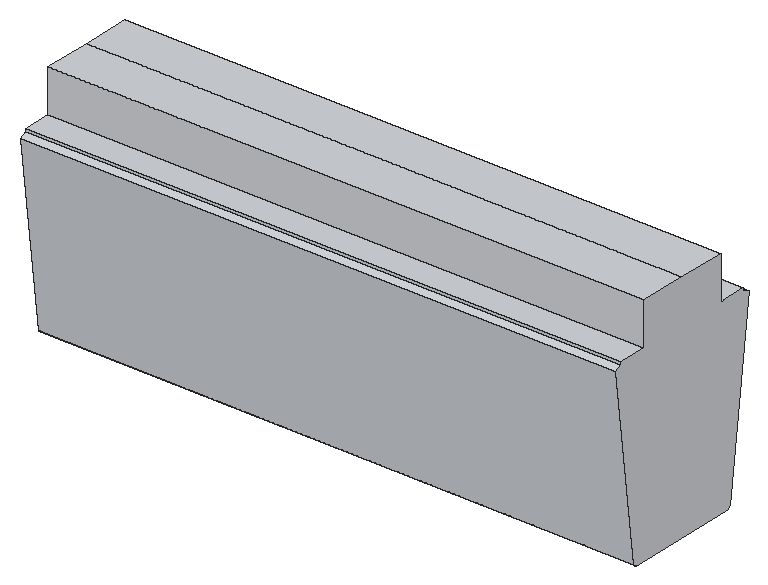
Revit family "KB d=800_Precast-Console Beam_Spæncom", category Structural Framing, Revit 2014
Parameters (values of type "KB98/18")
  Structural Material [instance] = none
  Model = "KB 98/18"
  Manufacturer = "Spæncom"
  Length [instance] = 3000 mm
  Height (bjælkekroppen) = 180 mm
  Width (bjælkekroppen) = 400 mm  # constant formula
  Height console = 800 mm  # constant formula
  Width console = 150 mm  # constant formula
  Height element = 980 mm
  Base width = 500 mm  # constant formula
Types (9, lengths in mm): name | Model | Height (bjælkekroppen) | Height element
  KB98/18 | "KB 98/18" | 180 | 980
  KB102/22 | "KB 102/22" | 220 | 1020
  KB107/27 | "KB 107/27" | 270 | 1070
  KB112/32 | "KB 112/32" | 320 | 1120
  KB117/37 | "KB 117/37" | 370 | 1170
  KB110/30 | "KB 110/30" | 300 | 1100
  KB120/40 | "KB 120/40" | 400 | 1200
  KB130/50 | "KB 130/50" | 500 | 1300
  KB140/60 | "KB 140/60" | 600 | 1400
Reference planes
  plane 1 "Center (Front/Back)": y = 0
  plane 2 "Center Elevation": z = 0
  plane 3 "Center (Left/Right)": x = 0
  plane 4 "Left": x = -1500
  plane 5 "Member Left": x = -1250
  plane 6 "Stick Symbol Left": x = -1000
  plane 7 "Right": x = 1500
  plane 8 "Member Right": x = 1250
  plane 9 "Stick Symbol Right": x = 1000
  plane 10: z = 0
  plane 11: y = 250
  plane 12: y = -250
  plane 13: through (0, -251.24, 9.923) normal (0, 0.9923, 0.124)
  plane 14: through (0, 271.875, 175) normal (0, -0.9923, 0.124)
  plane 15: y = 200
  plane 16: y = -200
  plane 17: z = 800
  plane 18: z = 980
Forms (mm)
  Extrusion 1, solid, material <- "Structural Material"
    sketch origin (0, 0, 150) x (0, 1, 0) y (0, 0, 1)
      loop
        line (240, -150) -> (251.24, -140.077) -> (346.827, 624.612) -> (320, 639.612) -> (320, 650) -> (200, 650) -> (200, 830) -> (0, 830) -> (-200, 830) -> (-200, 650) -> (-320, 650) -> (-320, 639.612) -> (-346.827, 624.612) -> (-251.24, -140.077) -> (-240, -150) -> (240, -150)
    from -1250 to 1250
Dimensions and locks
  equal spacing: plane 4 "Left", plane 3 "Center (Left/Right)", plane 7 "Right"
  "Length": plane 4 "Left" to plane 7 "Right"
  "Base width": plane 14 to plane 13
  "Height console": Extrusion 1 to Extrusion 1
  "Height (bjælkekroppen)": Extrusion 1 to Extrusion 1
  "Width console": plane 17 to Extrusion 1
  "Width (bjælkekroppen)": Extrusion 1 to Extrusion 1
  "Width console": Extrusion 1 to plane 17
  locked: plane 17 to Extrusion 1 sketch curve at 30
  locked: Extrusion 1 sketch curve to plane 17 at 30
  aligned and locked: plane 5 "Member Left" to Extrusion 1
  aligned and locked: Extrusion 1 to plane 8 "Member Right"
  aligned and locked: level to plane 2 "Center Elevation"
Automatic sketch dimensions
  Extrusion 1 sketch curve to plane 13 = 0 mm  (x2)
  Extrusion 1 sketch curve to plane 17 = 0 mm  (x2)
  Extrusion 1 sketch curve to level = 0 mm
  Extrusion 1 sketch curve to plane 16 = 0 mm
  Extrusion 1 sketch curve to plane 1 "Center (Front/Back)" = 0 mm
  Extrusion 1 sketch curve to plane 15 = 0 mm
  Extrusion 1 sketch curve to plane 14 = 0 mm  (x2)
  Extrusion 1 sketch curve to plane 18 = 0 mm
  Extrusion 1 sketch curve to plane 12 = 10 mm
  plane 12 to Extrusion 1 sketch curve = 1.24 mm
  plane 11 to Extrusion 1 sketch curve = 10 mm
  Extrusion 1 sketch curve to plane 11 = 1.24 mm
  Extrusion 1 sketch curve to plane 17 = 25.388 mm  (x2)
  Extrusion 1 sketch curve to plane 17 = 10.388 mm  (x2)
